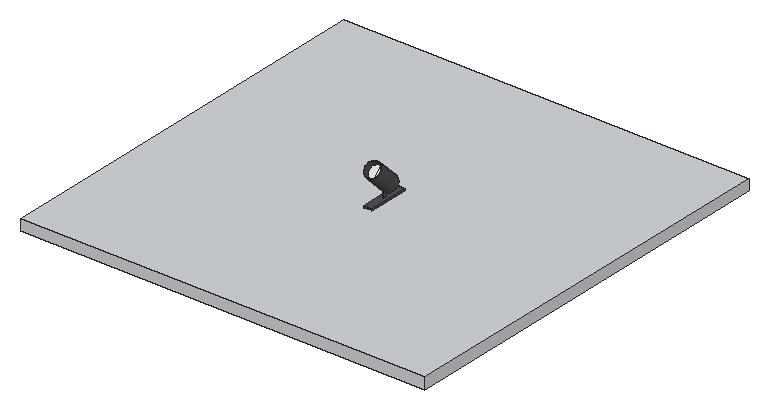
Revit family "Zumtobel VIVO II M", category Lighting Fixtures, host Face, Revit 2018
Family settings
  Host = Face
  Round Connector Dimension = Use Diameter
  Part Type = Normal
  OmniClass Number = 23.80.70.11
  OmniClass Title = Luminaries for Internal Lighting
  Cut with Voids When Loaded = No
  Light Source = No
  Shared = No
  Room Calculation Point = No
Parameters (values of type "V2 M 2600-940 SWI TEC WFL BK BK")
  URL = "http://www.zumtobel.com/60715927"
  Type Comments = "© Zumtobel. We reserve the right to make technical changes without prior notice."  # constant formula
  TEC Track Mount = yes
  Surface Mount = no
  Semi Recessed = no
  Note [instance] = "Angle value ranges between 2° and 76°"  # constant formula
  Model = "60715927"
  Manufacturer = "Zumtobel Lighting"  # constant formula
  Lamp = "LED"
  Emit Shape Visible in Rendering = yes
  Description = "LED spotlight for TEC track"
  Body Type = Zumtobel Vivo II Body : V2 M 2600-940 SWI TEC WFL BK BK
  Body [instance] = ZG_Metal_Black
  Apparent Load = 26.5 VA
  Angle [instance] = 45.00°
  Rotation [instance] = 0.00°
  Default Elevation = 0.00 mm
  Assembly Code = "D5020200"
Types (2, lengths in mm): name | URL | TEC Track Mount | Surface Mount | Model | Description | Body Type | Body
  VIV2 M 2500-930 LDO 3CDC WFL BK BK | "http://www.zumtobel.com/60716615" | no | yes | "60716615" | "LED spotlight" | Zumtobel Vivo II Body : VIV2 M 2500-930 LDO 3CDC WFL BK BK | ZG_Metal_Light_Grey
  V2 M 2600-940 SWI TEC WFL BK BK | "http://www.zumtobel.com/60715927" | yes | no | "60715927" | "LED spotlight for TEC track" | Zumtobel Vivo II Body : V2 M 2600-940 SWI TEC WFL BK BK | ZG_Metal_Black
Reference planes
  plane 1 "Center (Front/Back)": y = 0
  plane 2: z = 0
  plane 3 "Center (Left/Right)": x = 0
  plane 4: z = 105.5
  plane 5: z = 5
  plane 6: y = 47.82
  plane 7: y = -47.97
Forms (mm)
  Extrusion 1, solid
    sketch origin (0, 0, 0) x (1, 0, 0) y (0, 1, 0)
      loop
        line (-1219.2, 1219.2) -> (-1219.2, -1219.2) -> (1219.2, -1219.2) -> (1219.2, 1219.2) -> (-1219.2, 1219.2)
    from 0 to -66.193
  Extrusion 2, solid, material "ZG_Metal_Black" <- "Body", visible <- "Surface Mount"
    sketch origin (0, 0, 40) x (1, 0, 0) y (0, 1, 0)
      loop
        circle (0, 0) r 7.5
    from -32 to 65.5
  Extrusion 3, solid, material "ZG_Metal_Black" <- "Body", visible <- "Surface Mount"
    sketch origin (0, 0, 0) x (1, 0, 0) y (0, 1, 0)
      loop
        arc (-15, -32.82) -> (0, -47.82) -> (15, -32.82) r 15
        line (15, -32.82) -> (15, 32.82)
        arc (15, 32.82) -> (0, 47.82) -> (-15, 32.82) r 15
        line (-15, 32.82) -> (-15, -32.82)
    from 0 to 8
  Revolve 4, solid, material "ZG_Metal_Black" <- "Body", visible <- "Semi Recessed"
    sketch origin (0, 0, 0) x (0, 1, 0) y (0, 0, 1)
      loop
        line (32.82, 5) -> (32.82, 0) -> (47.82, 0) -> (47.82, 5) -> (32.82, 5)
      axis (0, 5) -> (0, 0)
    angle from 0 to 360
  Revolve 5, solid, material "ZG_Metal_Black" <- "Body", visible <- "Semi Recessed"
    sketch origin (0, 0, 0) x (0, 1, 0) y (0, 0, 1)
      loop
        line (32.82, 5) -> (0, 5) -> (0, 0) -> (32.82, 0) -> (32.82, 5)
      axis (0, 5) -> (0, 0)
    angle from 0 to 360
  Extrusion 6, solid, material "ZG_Metal_Black" <- "Body", visible <- "Semi Recessed"
    sketch origin (0, 901.7, 0) x (0, -1, 0) y (0, 0, 1)
      loop
        line (894.2, 5) -> (909.2, 5) -> (909.2, 105.5) -> (894.2, 105.5) -> (894.2, 5)
    from -5 to 5
  Sweep 7, solid, material "ZG_Metal_Black" <- "Body", visible <- "TEC Track Mount"
    path origin (0, 399.5, 0) x (0, -1, 0) y (1, 0, 0)
      loop
        line (275, 0) -> (524, 0)
    profile "TEC Adapter : TEC Adapter" origin (0, 0, 0) x (1, 0, 0) y (0, 0, 1)
      loop
        line (-24.5, 9.5) -> (-24.5, -1.506) -> (-21.81, -1.506) -> (-21.81, 0) -> (21.81, 0) -> (21.81, -1.5) -> (24.5, -1.5) -> (24.5, 9.5) -> (-24.5, 9.5)
  Extrusion 8, solid, material "ZG_Metal_Black" <- "Body", visible <- "TEC Track Mount"
    sketch origin (0, 901.7, 0) x (0, -1, 0) y (0, 0, 1)
      loop
        line (894.2, 9.5) -> (909.2, 9.5) -> (909.2, 105.5) -> (894.2, 105.5) -> (894.2, 9.5)
    from -5 to 5
Lines and regions (mm)
  reference lines
    curve 1: line (0, 901.7, 0) -> (0, 0, 0)
Dimensions and locks
  locked: plane 4 to plane 2 at 105.5
  "Rotation": angle curve 1 to plane 3 "Center (Left/Right)"
  aligned and locked: plane 2 to Extrusion 1
  aligned and locked: level to Extrusion 1
  aligned and locked: plane 1 "Center (Front/Back)" to curve 1
  aligned and locked: plane 3 "Center (Left/Right)" to curve 1
  aligned: nested 1 to plane 1 "Center (Front/Back)"  (x2)
  aligned: curve 1 to nested 1
  aligned and locked: plane 4 to nested 1
  aligned and locked: curve 1 to nested 1
Automatic sketch dimensions
  Extrusion 1 sketch curve to Extrusion 1 sketch curve = 2438.40 mm  (x2)
  plane 1 "Center (Front/Back)" to Extrusion 2 sketch curve = 0.00 mm
  Extrusion 2 sketch curve to plane 3 "Center (Left/Right)" = 0.00 mm
  Extrusion 3 sketch curve to plane 3 "Center (Left/Right)" = 0.00 mm
  Extrusion 3 sketch curve to Extrusion 3 sketch curve = 15.00 mm
  Extrusion 3 sketch curve to plane 7 = 15.15 mm
  plane 6 to Extrusion 3 sketch curve = 15.00 mm
  Extrusion 3 sketch curve to Extrusion 3 sketch curve = 0.00 mm
  Revolve 4 sketch curve to plane 1 "Center (Front/Back)" = 0.00 mm
  Revolve 4 sketch curve to level = 0.00 mm
  Revolve 4 sketch curve to plane 5 = 0.00 mm
  Revolve 4 sketch curve to plane 6 = 0.00 mm
  Revolve 4 sketch curve to Revolve 4 sketch curve = 15.00 mm
  plane 5 to Revolve 4 sketch curve = 35.50 mm
  Revolve 4 sketch curve to Revolve 4 sketch curve = 10.00 mm
  Revolve 5 sketch curve to plane 1 "Center (Front/Back)" = 0.00 mm  (x2)
  Revolve 5 sketch curve to plane 5 = 0.00 mm
  Revolve 5 sketch curve to level = 0.00 mm
  plane 6 to Revolve 5 sketch curve = 15.00 mm
  Revolve 5 sketch curve to Revolve 5 sketch curve = 35.50 mm
  Revolve 5 sketch curve to Revolve 5 sketch curve = 10.00 mm
  Extrusion 6 sketch curve to curve 1 = 7.50 mm
  curve 1 to Extrusion 6 sketch curve = 7.50 mm
  Extrusion 6 sketch curve to curve 1 = 5.00 mm
  curve 1 to Extrusion 6 sketch curve = 105.50 mm
  Sweep 7 sketch curve to plane 3 "Center (Left/Right)" = 0.00 mm
  Sweep 7 sketch curve to plane 6 = 76.68 mm
  plane 7 to Sweep 7 sketch curve = 76.53 mm
  Extrusion 8 sketch curve to curve 1 = 7.50 mm
  curve 1 to Extrusion 8 sketch curve = 7.50 mm
  Extrusion 8 sketch curve to curve 1 = 9.50 mm
  curve 1 to Extrusion 8 sketch curve = 105.50 mm
  radius of Extrusion 2 sketch curve = 7.50 mm
Nested families
  nested 1: "Zumtobel Vivo II Body" at (200, 155, 105.5) x (1, 0, 0) z (0, 0, -1), Angle <- "Angle", type <- "Body Type", Body <- "Body", type "V2 M 2600-940 SWI TEC WFL BK BK"
    with Body ZG_Metal_Black, Angle 45.00°
Connectors
  electrical at (0, 0, 0), driven by "Apparent Load"
    settings: index 1, voltage 230 V, apparent load 0 VA, apparent load phase1 26.5 VA, apparent load phase2 0 VA, apparent load phase3 0 VA, power factor 1, load classification "Other", number of poles 1, system type 31, power factor state 1, is connector primary yes, connector utility no, sub classification motor no, connector description ""
Definition of nested family "Zumtobel Vivo II Body"
  Parameters (values of type "VIV2 M 2500-930 LDO 3CDC WFL BK BK")
    Wattage = 5.72229 W
    built-in parameter 1150110 = 1 (stored number, unit not read)
    URL = ""
    built-in parameter 1114217 = 1 (stored number, unit not read)
    Tilt Angle = 60.00°
    built-in parameter 1150109 = 1 (stored number, unit not read)
    built-in parameter 1150134 = 12
    built-in parameter 1150113 = 1 (stored number, unit not read)
    Photometric Web File = "STx550.IES"
    Model = ""
    Manufacturer = "Zumtobel Lighting"  # constant formula
    built-in parameter 1150105 = 1888.2 (stored number, unit not read)
    Lumens = 850 lm
    built-in parameter 1150115 = 1 (stored number, unit not read)
    built-in parameter 1150137 = (empty or 0)
    built-in parameter 1150139 = (empty or 0)
    built-in parameter 1150112 = 1 (stored number, unit not read)
    built-in parameter 1150114 = 1 (stored number, unit not read)
    Lamp = ""
    built-in parameter 1150132 = 2
    built-in parameter 1150102 = (empty or 0)
    built-in parameter 1150107 = 4000 (stored number, unit not read)
    built-in parameter 1150138 = (empty or 0)
    built-in parameter 1150106 = 18.882 (stored number, unit not read)
    built-in parameter 1150104 = 13.8 (stored number, unit not read)
    Dimming Lamp Color Temperature Shift = (empty or 0)
    Description = "Zumtobel VIVO2 Body"  # constant formula
    Default Elevation = 0.00 mm
    Color Filter = 16777215
    Body [instance] = none
    built-in parameter 1114218 = 1 (stored number, unit not read)
    built-in parameter 1150133 = 10 (stored number, unit not read)
    Assembly Code = ""
    Apparent Load = 0 VA
    Angle [instance] = 35.00°
  Types (2, lengths in mm): name | Wattage | built-in parameter 1150134 | Photometric Web File | built-in parameter 1150105 | Lumens | built-in parameter 1150107 | built-in parameter 1150106 | Apparent Load
    VIV2 M 2500-930 LDO 3CDC WFL BK BK | 5.72229 W | 12 | "STx550.IES" | 1888.2 (stored number, unit not read) | 850 lm | 4000 (stored number, unit not read) | 18.882 (stored number, unit not read) | 0 VA
    V2-SR M 2500-930 SWI FL WH WH | 16.8303 W | (empty or 0) | "STx517.IES" | 198.94 (stored number, unit not read) | 2500 lm | 3000 (stored number, unit not read) | 1.9894 (stored number, unit not read) | 26.5 VA
  Reference planes
    plane 1 "Top": z = 0
    plane 2 "Center (Front/Back)": y = -155
    plane 3 "Center (Left/Right)": x = -200
  Forms (mm)
    Revolve 1, solid, material <- "Body"
      sketch origin (-200, -155, 0) x (0, -0.819152, -0.573576) y (0, 0.573576, -0.819152)
        loop
          line (124.312, -47.5) -> (124.312, -44.958) -> (84.312, -44.958) -> (84.312, 0) -> (-55.688, 0) -> (-55.688, -47.5) -> (124.312, -47.5)
        axis (-55.688, 0) -> (124.312, 0)
      angle from 0 to 360
    Sweep 2, void
      path origin (-200, -155, 0) x (0, 0.819152, 0.573576) y (0, -0.573576, 0.819152)
        loop
          line (0, 100) -> (0, 0) -> (55.688, 0)
      profile origin (-200, -132.192, 15.971) x (0, -0.573576, 0.819152) y (1, 0, 0)
        loop
          arc (0, 8) -> (-8, 0) -> (0, -8) r 8
          line (0, -8) -> (0, 8)
    Extrusion 3, void
      sketch origin (-200, -155, 0) x (0, -0.819152, -0.573576) y (0, -0.573576, 0.819152)
        loop
          line (0, 0) -> (0, 100) -> (-102.371, 100) -> (-102.371, 0) -> (0, 0)
      from -8 to 8
  Cuts and joins
    Sweep 2, Extrusion 3 cuts Revolve 1
  Lines and regions (mm)
    reference lines
      curve 1: line (-200, -155, 0) -> (-200, -224.065, -48.359)
      curve 2: line (-200, -327.078, 29.021) -> (-200, -256.831, -71.303)
      curve 3: line (-200, -224.065, -48.359) -> (-200, -291.562, 48.036)
      curve 4: line (-200, -142.499, 79.236) -> (-200, -109.383, 31.941)
      curve 5: line (-200, -155, 0) -> (-200, -109.383, 31.941)
      curve 6: line (-200, -224.065, -48.359) -> (-200, -256.831, -71.303)
  Dimensions and locks
    locked: curve 5 to curve 5 at 55.688
    locked: Extrusion 3 sketch curve to Extrusion 3 sketch curve at 100
    curve 4 to curve 3 to curve 2 = 140.00 mm locked, 40.00 mm locked
    "Angle": angle curve 6 to plane 1 "Top"
    "Angle": angle curve 5 to plane 1 "Top"
    locked: Sweep 2 sketch curve to Sweep 2 sketch curve (angle 90.00°)
    aligned and locked: level to plane 1 "Top"
    aligned and locked: plane 2 "Center (Front/Back)" to curve 1
    aligned and locked: plane 1 "Top" to curve 1
    aligned: curve 2 to cut or joined group of Revolve 1, Sweep 2, Extrusion 3
    aligned and locked: curve 4 to Revolve 1 sketch curve
    aligned and locked: Sweep 2 sketch curve to curve 5
    aligned and locked: profile plane to Sweep 2 sketch curve
    aligned and locked: Extrusion 3 sketch curve to curve 5
    aligned and locked: imposter light to curve 6  (x2)
  Automatic sketch dimensions
    Revolve 1 sketch curve to curve 6 = 0.00 mm  (x3)
    curve 1 to Revolve 1 sketch curve = 0.00 mm
    curve 6 to Revolve 1 sketch curve = 30.00 mm
    Sweep 2 sketch curve to profile plane = 0.00 mm
    Sweep 2 sketch curve to Sweep 2 sketch curve = 8.00 mm
    Extrusion 3 sketch curve to curve 5 = 46.683 mm
    Sweep 2 sketch curve to curve 5 = 0.00 mm
    Revolve 1 sketch curve to Revolve 1 sketch curve = 2.542 mm
    Revolve 1 sketch curve to curve 1 = 0.00 mm
    plane 2 "Center (Front/Back)" to curve 4 = 12.501 mm
    curve 3 to level = 48.036 mm
    curve 2 to level = 29.021 mm
    Revolve 1 sketch curve to curve 1 = 44.958 mm
